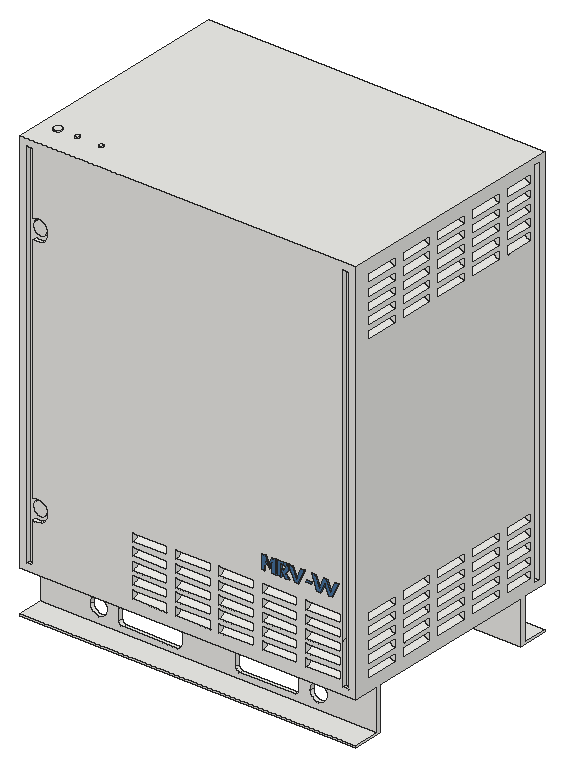
Revit family "bimlib_narujnyeblokisistemakondicionirovaniya_mrv-w_haier", category Оборудование, Revit 2020 (continued)
Dimensions and locks
  Extrusion 132 sketch curve to cut or joined group 1 (Extrusion 1, Extrusion 2, Extrusion 3, Extrusion 4, Extrusion 5, Extrusion 6, Extrusion 7, Extrusion 8, Extrusion 9, Extrusion 10, Extrusion 11, Extrusion 12, Extrusion 13, Extrusion 14, Extrusion 15, Extrusion 16, Extrusion 17, Extrusion 18, Extrusion 19, Extrusion 20, Extrusion 21, Extrusion 22, Extrusion 23, Extrusion 24, Extrusion 25, Extrusion 26, Extrusion 27, Extrusion 28, Extrusion 29, Extrusion 30, Extrusion 31, Extrusion 32, Extrusion 33, Extrusion 34, Extrusion 35, Extrusion 36, Extrusion 37, Extrusion 38, Extrusion 39, Extrusion 40, Extrusion 41, Extrusion 42, Extrusion 43, Extrusion 44, Extrusion 45, Extrusion 46, Extrusion 47, Extrusion 48, Extrusion 49, Extrusion 50, Extrusion 51, Extrusion 52, Extrusion 53, Extrusion 54, Extrusion 55, Extrusion 56, Extrusion 57, Extrusion 58, Extrusion 59, Extrusion 60, Extrusion 61, Extrusion 62, Extrusion 63, Extrusion 64, Extrusion 65, Extrusion 66, Extrusion 67, Extrusion 68, Extrusion 69, Extrusion 70, Extrusion 71, Extrusion 72, Extrusion 73, Extrusion 74, Extrusion 75, Extrusion 76, Extrusion 77, Extrusion 78, Extrusion 79, Extrusion 80, Extrusion 81, Extrusion 82, Extrusion 83, Extrusion 84, Extrusion 85, Extrusion 86, Extrusion 87, Extrusion 88, Extrusion 89, Extrusion 90, Extrusion 91, Extrusion 92, Extrusion 93, Extrusion 94, Extrusion 95, Extrusion 96, Extrusion 97, Extrusion 98, Extrusion 99, Extrusion 100, Extrusion 101, Extrusion 102, Extrusion 103, Extrusion 104, Extrusion 105, Extrusion 106, Extrusion 107, Extrusion 108, Extrusion 109, Extrusion 110, Extrusion 111, Extrusion 112, Extrusion 113, Extrusion 114, Extrusion 115, Extrusion 116, Extrusion 117, Extrusion 118, Extrusion 119, Extrusion 120, Extrusion 121, Extrusion 122, Extrusion 123, Extrusion 124, Extrusion 125, Extrusion 126, Extrusion 127, Extrusion 128, Extrusion 129, Extrusion 130, Extrusion 131, Extrusion 132, Extrusion 133) = 15.00 mm
  Extrusion 132 sketch curve to Extrusion 132 sketch curve = 15.00 mm
  cut or joined group 1 to Extrusion 133 sketch curve = 15.00 mm
  Extrusion 133 sketch curve to cut or joined group 1 = 15.00 mm  (x2)
  Extrusion 133 sketch curve to Extrusion 133 sketch curve = 15.00 mm
  "Диаметр_Газ": diameter of Extrusion 136 sketch curve
  "Диаметр_Жидкость": diameter of Extrusion 135 sketch curve
  "Диаметр_Масло": diameter of Extrusion 134 sketch curve
  "Диаметр_Дренаж": diameter of Extrusion 139 sketch curve
  aligned and locked: level to plane 2
  aligned and locked: Extrusion 1 sketch curve to plane 6
  aligned and locked: Extrusion 1 sketch curve to plane 5
  aligned and locked: plane 7 to Extrusion 1 sketch curve
  aligned and locked: plane 4 to Extrusion 1 sketch curve
  aligned and locked: Extrusion 1 to level
  aligned and locked: level to cut or joined group 1
  aligned and locked: plane 4 to cut or joined group 1
  aligned and locked: plane 10 "1" to plane 6
  aligned and locked: plane 18 "5" to Extrusion 1
  aligned and locked: plane 9 to Extrusion 2
  aligned and locked: cut or joined group 1 to plane 21
  aligned and locked: plane 9 to cut or joined group 1
  aligned and locked: plane 9 to Extrusion 4
  aligned and locked: Extrusion 3 to Extrusion 4
  aligned and locked: curve 15 to Masking region 1 sketch curve
  aligned and locked: Masking region 1 sketch curve to curve 12
  aligned and locked: Masking region 1 sketch curve to curve 13
  aligned and locked: Masking region 1 sketch curve to curve 14
  aligned and locked: plane 4 to curve 15
  aligned and locked: plane 7 to curve 14
  aligned and locked: curve 12 to plane 6
  aligned and locked: curve 13 to plane 5
  aligned and locked: plane 3 "По центру (Влево/Вправо)" to nested 3
  aligned and locked: plane 1 "По центру (Вперед/Назад)" to nested 3
  aligned and locked: plane 1 "По центру (Вперед/Назад)" to nested 2
  aligned and locked: plane 3 "По центру (Влево/Вправо)" to nested 2
Automatic sketch dimensions
  Extrusion 1 sketch curve to plane 5 = 0.00 mm
  curve 1 to Extrusion 1 = 0.00 mm  (x2)
  curve 4 to Extrusion 1 = 0.00 mm  (x2)
  Extrusion 1 to curve 27 = 15.00 mm
  curve 9 to Extrusion 1 = 0.00 mm  (x3)
  curve 20 to Extrusion 1 = 0.00 mm  (x2)
  curve 10 to Extrusion 1 = 0.00 mm  (x3)
  Extrusion 1 to curve 17 = 0.00 mm
  curve 17 to Extrusion 1 = 0.00 mm  (x2)
  Extrusion 1 to curve 21 = 15.00 mm
  Extrusion 1 to curve 21 = 30.00 mm
  Extrusion 1 to curve 21 = 100.00 mm
  curve 23 to Extrusion 1 = 0.00 mm
  curve 18 to Extrusion 1 = 0.00 mm  (x3)
  curve 8 to Extrusion 1 = 0.00 mm  (x2)
  curve 11 to Extrusion 1 = 0.00 mm
  curve 23 to curve 24 = 30.00 mm
  Extrusion 1 to curve 28 = 155.00 mm
  Extrusion 1 to curve 22 = 30.00 mm
  Extrusion 1 to curve 32 = 15.00 mm  (x2)
  Extrusion 1 to curve 22 = 115.00 mm
  curve 22 to curve 22 = 15.00 mm
  Extrusion 1 to curve 24 = 100.00 mm
  curve 5 to Extrusion 1 = 0.00 mm  (x2)
  Extrusion 1 to curve 19 = 0.00 mm
  curve 19 to Extrusion 1 = 0.00 mm
  curve 26 to Extrusion 1 = 0.00 mm
  curve 6 to Extrusion 1 = 0.00 mm
  curve 26 to curve 25 = 30.00 mm
  Extrusion 1 to curve 25 = 15.00 mm
  Extrusion 1 to curve 25 = 100.00 mm
  Extrusion 2 sketch curve to plane 4 = 0.00 mm
  Extrusion 2 sketch curve to plane 5 = 0.00 mm
  plane 17 to Extrusion 2 sketch curve = 30.00 mm
  Extrusion 2 sketch curve to plane 14 = 30.00 mm
  Extrusion 3 sketch curve to Extrusion 1 = 5.00 mm
  Extrusion 3 sketch curve to Extrusion 1 = 10.654 mm
  Extrusion 3 sketch curve to Extrusion 1 = 10.00 mm
  Extrusion 3 sketch curve to Extrusion 3 sketch curve = 95.00 mm
  Extrusion 1 to Extrusion 4 sketch curve = 0.00 mm
  Extrusion 4 sketch curve to Extrusion 1 = 0.00 mm
  Extrusion 4 sketch curve to Extrusion 1 = 100.00 mm
  Extrusion 4 sketch curve to Extrusion 1 = 5.00 mm
  Extrusion 5 sketch curve to Extrusion 1 = 39.902 mm  (x2)
  Extrusion 5 sketch curve to Extrusion 1 = 133.805 mm
  Extrusion 5 sketch curve to Extrusion 5 sketch curve = 46.195 mm  (x2)
  Extrusion 5 sketch curve to Extrusion 5 sketch curve = 10.00 mm  (x6)
  Extrusion 5 sketch curve to Extrusion 5 sketch curve = 125.997 mm  (x2)
  Extrusion 5 sketch curve to Extrusion 1 = 17.392 mm
  Extrusion 5 sketch curve to Extrusion 5 sketch curve = 0.00 mm
  Extrusion 5 sketch curve to Extrusion 1 = 27.392 mm  (x2)
  Extrusion 5 sketch curve to Extrusion 5 sketch curve = 123.005 mm
  Extrusion 5 sketch curve to Extrusion 5 sketch curve = 25.00 mm  (x2)
  Extrusion 1 to Extrusion 6 sketch curve = 0.00 mm
  Extrusion 6 sketch curve to Extrusion 6 sketch curve = 19.333 mm
  Extrusion 6 sketch curve to Extrusion 1 = 48.623 mm
  Extrusion 1 to Extrusion 7 sketch curve = 0.00 mm
  Extrusion 7 sketch curve to Extrusion 7 sketch curve = 19.333 mm
  Extrusion 7 sketch curve to Extrusion 1 = 78.623 mm
  Extrusion 1 to Extrusion 8 sketch curve = 0.00 mm
  Extrusion 8 sketch curve to Extrusion 8 sketch curve = 19.333 mm
  Extrusion 8 sketch curve to Extrusion 1 = 107.956 mm
  Extrusion 1 to Extrusion 9 sketch curve = 0.00 mm
  Extrusion 9 sketch curve to Extrusion 9 sketch curve = 19.333 mm
  Extrusion 9 sketch curve to Extrusion 1 = 137.289 mm
  Extrusion 1 to Extrusion 10 sketch curve = 0.00 mm
  Extrusion 10 sketch curve to Extrusion 10 sketch curve = 19.333 mm
  Extrusion 10 sketch curve to Extrusion 1 = 166.623 mm
  Extrusion 1 to Extrusion 11 sketch curve = 0.00 mm
  Extrusion 11 sketch curve to Extrusion 11 sketch curve = 19.333 mm
  Extrusion 11 sketch curve to Extrusion 1 = 48.623 mm
  Extrusion 1 to Extrusion 12 sketch curve = 0.00 mm
  Extrusion 12 sketch curve to Extrusion 12 sketch curve = 19.333 mm
  Extrusion 12 sketch curve to Extrusion 1 = 78.623 mm
  Extrusion 1 to Extrusion 13 sketch curve = 0.00 mm
  Extrusion 13 sketch curve to Extrusion 13 sketch curve = 19.333 mm
  Extrusion 13 sketch curve to Extrusion 1 = 107.956 mm
  Extrusion 1 to Extrusion 14 sketch curve = 0.00 mm
  Extrusion 14 sketch curve to Extrusion 14 sketch curve = 19.333 mm
  Extrusion 14 sketch curve to Extrusion 1 = 137.289 mm
  Extrusion 1 to Extrusion 15 sketch curve = 0.00 mm
  Extrusion 15 sketch curve to Extrusion 15 sketch curve = 19.333 mm
  Extrusion 15 sketch curve to Extrusion 1 = 166.623 mm
  Extrusion 1 to Extrusion 16 sketch curve = 0.00 mm
  Extrusion 16 sketch curve to Extrusion 16 sketch curve = 19.333 mm
  Extrusion 16 sketch curve to Extrusion 1 = 48.623 mm
  Extrusion 1 to Extrusion 17 sketch curve = 0.00 mm
  Extrusion 17 sketch curve to Extrusion 17 sketch curve = 19.333 mm
  Extrusion 17 sketch curve to Extrusion 1 = 78.623 mm
  Extrusion 1 to Extrusion 18 sketch curve = 0.00 mm
  Extrusion 18 sketch curve to Extrusion 18 sketch curve = 19.333 mm
  Extrusion 18 sketch curve to Extrusion 1 = 107.956 mm
  Extrusion 1 to Extrusion 19 sketch curve = 0.00 mm
  Extrusion 19 sketch curve to Extrusion 19 sketch curve = 19.333 mm
  Extrusion 19 sketch curve to Extrusion 1 = 137.289 mm
  Extrusion 1 to Extrusion 20 sketch curve = 0.00 mm
  Extrusion 20 sketch curve to Extrusion 20 sketch curve = 19.333 mm
  Extrusion 20 sketch curve to Extrusion 1 = 166.623 mm
  Extrusion 1 to Extrusion 21 sketch curve = 0.00 mm
  Extrusion 21 sketch curve to Extrusion 21 sketch curve = 19.333 mm
  Extrusion 21 sketch curve to Extrusion 1 = 48.623 mm
  Extrusion 1 to Extrusion 22 sketch curve = 0.00 mm
  Extrusion 22 sketch curve to Extrusion 22 sketch curve = 19.333 mm
  Extrusion 22 sketch curve to Extrusion 1 = 78.623 mm
  Extrusion 1 to Extrusion 23 sketch curve = 0.00 mm
  Extrusion 23 sketch curve to Extrusion 23 sketch curve = 19.333 mm
  Extrusion 23 sketch curve to Extrusion 1 = 107.956 mm
  Extrusion 1 to Extrusion 24 sketch curve = 0.00 mm
  Extrusion 24 sketch curve to Extrusion 24 sketch curve = 19.333 mm
  Extrusion 24 sketch curve to Extrusion 1 = 137.289 mm
  Extrusion 1 to Extrusion 25 sketch curve = 0.00 mm
  Extrusion 25 sketch curve to Extrusion 25 sketch curve = 19.333 mm
  Extrusion 25 sketch curve to Extrusion 1 = 166.623 mm
  Extrusion 1 to Extrusion 26 sketch curve = 0.00 mm
  Extrusion 26 sketch curve to Extrusion 26 sketch curve = 19.333 mm
  Extrusion 26 sketch curve to Extrusion 1 = 48.623 mm
  Extrusion 1 to Extrusion 27 sketch curve = 0.00 mm
  Extrusion 27 sketch curve to Extrusion 27 sketch curve = 19.333 mm
  Extrusion 27 sketch curve to Extrusion 1 = 78.623 mm
  Extrusion 1 to Extrusion 28 sketch curve = 0.00 mm
  Extrusion 28 sketch curve to Extrusion 28 sketch curve = 19.333 mm
  Extrusion 28 sketch curve to Extrusion 1 = 107.956 mm
  Extrusion 1 to Extrusion 29 sketch curve = 0.00 mm
  Extrusion 29 sketch curve to Extrusion 29 sketch curve = 19.333 mm
  Extrusion 29 sketch curve to Extrusion 1 = 137.289 mm
  Extrusion 1 to Extrusion 30 sketch curve = 0.00 mm
  Extrusion 30 sketch curve to Extrusion 30 sketch curve = 19.333 mm
  Extrusion 30 sketch curve to Extrusion 1 = 166.623 mm
  Extrusion 1 to Extrusion 31 sketch curve = 0.00 mm
  Extrusion 31 sketch curve to Extrusion 31 sketch curve = 19.333 mm
  Extrusion 31 sketch curve to Extrusion 1 = 245.377 mm
  Extrusion 1 to Extrusion 32 sketch curve = 0.00 mm
  Extrusion 32 sketch curve to Extrusion 32 sketch curve = 19.333 mm
  Extrusion 32 sketch curve to Extrusion 1 = 215.377 mm
  Extrusion 1 to Extrusion 33 sketch curve = 0.00 mm
  Extrusion 33 sketch curve to Extrusion 33 sketch curve = 19.333 mm
  Extrusion 33 sketch curve to Extrusion 1 = 186.044 mm
  Extrusion 1 to Extrusion 34 sketch curve = 0.00 mm
  Extrusion 34 sketch curve to Extrusion 34 sketch curve = 19.333 mm
  Extrusion 34 sketch curve to Extrusion 1 = 156.711 mm
  Extrusion 1 to Extrusion 35 sketch curve = 0.00 mm
  Extrusion 35 sketch curve to Extrusion 35 sketch curve = 19.333 mm
  Extrusion 35 sketch curve to Extrusion 1 = 127.377 mm
  Extrusion 1 to Extrusion 36 sketch curve = 0.00 mm
  Extrusion 36 sketch curve to Extrusion 36 sketch curve = 19.333 mm
  Extrusion 36 sketch curve to Extrusion 1 = 245.377 mm
  Extrusion 1 to Extrusion 37 sketch curve = 0.00 mm
  Extrusion 37 sketch curve to Extrusion 37 sketch curve = 19.333 mm
  Extrusion 37 sketch curve to Extrusion 1 = 215.377 mm
  Extrusion 1 to Extrusion 38 sketch curve = 0.00 mm
  Extrusion 38 sketch curve to Extrusion 38 sketch curve = 19.333 mm
  Extrusion 38 sketch curve to Extrusion 1 = 186.044 mm
  Extrusion 1 to Extrusion 39 sketch curve = 0.00 mm
  Extrusion 39 sketch curve to Extrusion 39 sketch curve = 19.333 mm
  Extrusion 39 sketch curve to Extrusion 1 = 156.711 mm
  Extrusion 1 to Extrusion 40 sketch curve = 0.00 mm
  Extrusion 40 sketch curve to Extrusion 40 sketch curve = 19.333 mm
  Extrusion 40 sketch curve to Extrusion 1 = 127.377 mm
  Extrusion 1 to Extrusion 41 sketch curve = 0.00 mm
  Extrusion 41 sketch curve to Extrusion 41 sketch curve = 19.333 mm
  Extrusion 41 sketch curve to Extrusion 1 = 245.377 mm
  Extrusion 1 to Extrusion 42 sketch curve = 0.00 mm
  Extrusion 42 sketch curve to Extrusion 42 sketch curve = 19.333 mm
  Extrusion 42 sketch curve to Extrusion 1 = 215.377 mm
  Extrusion 1 to Extrusion 43 sketch curve = 0.00 mm
  Extrusion 43 sketch curve to Extrusion 43 sketch curve = 19.333 mm
  Extrusion 43 sketch curve to Extrusion 1 = 186.044 mm
  Extrusion 1 to Extrusion 44 sketch curve = 0.00 mm
  Extrusion 44 sketch curve to Extrusion 44 sketch curve = 19.333 mm
  Extrusion 44 sketch curve to Extrusion 1 = 156.711 mm
  Extrusion 1 to Extrusion 45 sketch curve = 0.00 mm
  Extrusion 45 sketch curve to Extrusion 45 sketch curve = 19.333 mm
  Extrusion 45 sketch curve to Extrusion 1 = 127.377 mm
  Extrusion 1 to Extrusion 46 sketch curve = 0.00 mm
  Extrusion 46 sketch curve to Extrusion 46 sketch curve = 19.333 mm
  Extrusion 46 sketch curve to Extrusion 1 = 245.377 mm
  Extrusion 1 to Extrusion 47 sketch curve = 0.00 mm
  Extrusion 47 sketch curve to Extrusion 47 sketch curve = 19.333 mm
  Extrusion 47 sketch curve to Extrusion 1 = 215.377 mm
  Extrusion 1 to Extrusion 48 sketch curve = 0.00 mm
  Extrusion 48 sketch curve to Extrusion 48 sketch curve = 19.333 mm
  Extrusion 48 sketch curve to Extrusion 1 = 186.044 mm
  Extrusion 1 to Extrusion 49 sketch curve = 0.00 mm
  Extrusion 49 sketch curve to Extrusion 49 sketch curve = 19.333 mm
  Extrusion 49 sketch curve to Extrusion 1 = 156.711 mm
  Extrusion 1 to Extrusion 50 sketch curve = 0.00 mm
  Extrusion 50 sketch curve to Extrusion 50 sketch curve = 19.333 mm
  Extrusion 50 sketch curve to Extrusion 1 = 127.377 mm
  Extrusion 1 to Extrusion 51 sketch curve = 0.00 mm
  Extrusion 51 sketch curve to Extrusion 51 sketch curve = 19.333 mm
  Extrusion 51 sketch curve to Extrusion 1 = 245.377 mm
  Extrusion 1 to Extrusion 52 sketch curve = 0.00 mm
  Extrusion 52 sketch curve to Extrusion 52 sketch curve = 19.333 mm
  Extrusion 52 sketch curve to Extrusion 1 = 215.377 mm
  Extrusion 1 to Extrusion 53 sketch curve = 0.00 mm
  Extrusion 53 sketch curve to Extrusion 53 sketch curve = 19.333 mm
  Extrusion 53 sketch curve to Extrusion 1 = 186.044 mm
  Extrusion 1 to Extrusion 54 sketch curve = 0.00 mm
  Extrusion 54 sketch curve to Extrusion 54 sketch curve = 19.333 mm
  Extrusion 54 sketch curve to Extrusion 1 = 156.711 mm
  Extrusion 1 to Extrusion 55 sketch curve = 0.00 mm
  Extrusion 55 sketch curve to Extrusion 55 sketch curve = 19.333 mm
  Extrusion 55 sketch curve to Extrusion 1 = 127.377 mm
  Extrusion 56 sketch curve to plane 7 = 0.00 mm
  Extrusion 56 sketch curve to Extrusion 56 sketch curve = 19.333 mm
  plane 13 "2" to Extrusion 56 sketch curve = 54.71 mm
  Extrusion 57 sketch curve to plane 7 = 0.00 mm
  Extrusion 57 sketch curve to Extrusion 57 sketch curve = 19.333 mm
  plane 13 "2" to Extrusion 57 sketch curve = 24.71 mm
  Extrusion 58 sketch curve to plane 7 = 0.00 mm
  Extrusion 58 sketch curve to plane 13 "2" = 4.623 mm
  Extrusion 58 sketch curve to Extrusion 58 sketch curve = 19.333 mm
  Extrusion 59 sketch curve to plane 7 = 0.00 mm
  Extrusion 59 sketch curve to Extrusion 59 sketch curve = 19.333 mm
  Extrusion 59 sketch curve to plane 13 "2" = 33.956 mm
  Extrusion 60 sketch curve to plane 7 = 0.00 mm
  Extrusion 60 sketch curve to Extrusion 60 sketch curve = 19.333 mm
  plane 16 "4" to Extrusion 60 sketch curve = 26.711 mm
  Extrusion 61 sketch curve to plane 7 = 0.00 mm
  Extrusion 61 sketch curve to Extrusion 61 sketch curve = 19.333 mm
  plane 13 "2" to Extrusion 61 sketch curve = 54.71 mm
  Extrusion 62 sketch curve to plane 7 = 0.00 mm
  Extrusion 62 sketch curve to Extrusion 62 sketch curve = 19.333 mm
  plane 13 "2" to Extrusion 62 sketch curve = 24.71 mm
  Extrusion 63 sketch curve to plane 7 = 0.00 mm
  Extrusion 63 sketch curve to plane 13 "2" = 4.623 mm
  Extrusion 63 sketch curve to Extrusion 63 sketch curve = 19.333 mm
  Extrusion 64 sketch curve to plane 7 = 0.00 mm
  Extrusion 64 sketch curve to Extrusion 64 sketch curve = 19.333 mm
  Extrusion 64 sketch curve to plane 13 "2" = 33.956 mm
  Extrusion 65 sketch curve to plane 7 = 0.00 mm
  Extrusion 65 sketch curve to Extrusion 65 sketch curve = 19.333 mm
  plane 16 "4" to Extrusion 65 sketch curve = 26.711 mm
  Extrusion 66 sketch curve to plane 7 = 0.00 mm
  Extrusion 66 sketch curve to Extrusion 66 sketch curve = 19.333 mm
  plane 13 "2" to Extrusion 66 sketch curve = 54.71 mm
  Extrusion 67 sketch curve to plane 7 = 0.00 mm
  Extrusion 67 sketch curve to Extrusion 67 sketch curve = 19.333 mm
  plane 13 "2" to Extrusion 67 sketch curve = 24.71 mm
  Extrusion 68 sketch curve to plane 7 = 0.00 mm
  Extrusion 68 sketch curve to plane 13 "2" = 4.623 mm
  Extrusion 68 sketch curve to Extrusion 68 sketch curve = 19.333 mm
  Extrusion 69 sketch curve to plane 7 = 0.00 mm
  Extrusion 69 sketch curve to Extrusion 69 sketch curve = 19.333 mm
  Extrusion 69 sketch curve to plane 13 "2" = 33.956 mm
  Extrusion 70 sketch curve to plane 7 = 0.00 mm
  Extrusion 70 sketch curve to Extrusion 70 sketch curve = 19.333 mm
  plane 16 "4" to Extrusion 70 sketch curve = 26.711 mm
  Extrusion 71 sketch curve to plane 7 = 0.00 mm
  Extrusion 71 sketch curve to Extrusion 71 sketch curve = 19.333 mm
  plane 13 "2" to Extrusion 71 sketch curve = 54.71 mm
  Extrusion 72 sketch curve to plane 7 = 0.00 mm
  Extrusion 72 sketch curve to Extrusion 72 sketch curve = 19.333 mm
  plane 13 "2" to Extrusion 72 sketch curve = 24.71 mm
  Extrusion 73 sketch curve to plane 7 = 0.00 mm
  Extrusion 73 sketch curve to plane 13 "2" = 4.623 mm
  Extrusion 73 sketch curve to Extrusion 73 sketch curve = 19.333 mm
  Extrusion 74 sketch curve to plane 7 = 0.00 mm
  Extrusion 74 sketch curve to Extrusion 74 sketch curve = 19.333 mm
  Extrusion 74 sketch curve to plane 13 "2" = 33.956 mm
  Extrusion 75 sketch curve to plane 7 = 0.00 mm
  Extrusion 75 sketch curve to Extrusion 75 sketch curve = 19.333 mm
  plane 16 "4" to Extrusion 75 sketch curve = 26.711 mm
  Extrusion 76 sketch curve to plane 7 = 0.00 mm
  Extrusion 76 sketch curve to Extrusion 76 sketch curve = 19.333 mm
  plane 13 "2" to Extrusion 76 sketch curve = 54.71 mm
  Extrusion 77 sketch curve to plane 7 = 0.00 mm
  Extrusion 77 sketch curve to Extrusion 77 sketch curve = 19.333 mm
  plane 13 "2" to Extrusion 77 sketch curve = 24.71 mm
  Extrusion 78 sketch curve to plane 7 = 0.00 mm
  Extrusion 78 sketch curve to plane 13 "2" = 4.623 mm
  Extrusion 78 sketch curve to Extrusion 78 sketch curve = 19.333 mm
  Extrusion 79 sketch curve to plane 7 = 0.00 mm
  Extrusion 79 sketch curve to Extrusion 79 sketch curve = 19.333 mm
  Extrusion 79 sketch curve to plane 13 "2" = 33.956 mm
  Extrusion 80 sketch curve to plane 7 = 0.00 mm
  Extrusion 80 sketch curve to Extrusion 80 sketch curve = 19.333 mm
  plane 16 "4" to Extrusion 80 sketch curve = 26.711 mm
  Extrusion 81 sketch curve to Extrusion 1 = 0.00 mm
  Extrusion 81 sketch curve to Extrusion 81 sketch curve = 19.333 mm
  Extrusion 81 sketch curve to Extrusion 1 = 29.29 mm
  Extrusion 82 sketch curve to Extrusion 1 = 0.00 mm
  Extrusion 82 sketch curve to Extrusion 82 sketch curve = 19.333 mm
  Extrusion 82 sketch curve to Extrusion 1 = 59.29 mm
  Extrusion 83 sketch curve to Extrusion 1 = 0.00 mm
  Extrusion 83 sketch curve to Extrusion 83 sketch curve = 19.333 mm
  Extrusion 83 sketch curve to Extrusion 1 = 88.623 mm
  Extrusion 84 sketch curve to Extrusion 1 = 0.00 mm
  Extrusion 1 to Extrusion 84 sketch curve = 19.333 mm
  Extrusion 84 sketch curve to Extrusion 1 = 117.956 mm
  Extrusion 85 sketch curve to Extrusion 1 = 0.00 mm
  Extrusion 1 to Extrusion 85 sketch curve = 19.333 mm
  Extrusion 85 sketch curve to Extrusion 1 = 147.289 mm
  Extrusion 86 sketch curve to Extrusion 1 = 0.00 mm
  Extrusion 86 sketch curve to Extrusion 86 sketch curve = 19.333 mm
  Extrusion 86 sketch curve to Extrusion 1 = 29.29 mm
  Extrusion 87 sketch curve to Extrusion 1 = 0.00 mm
  Extrusion 87 sketch curve to Extrusion 87 sketch curve = 19.333 mm
  Extrusion 87 sketch curve to Extrusion 1 = 59.29 mm
  Extrusion 88 sketch curve to Extrusion 1 = 0.00 mm
  Extrusion 88 sketch curve to Extrusion 88 sketch curve = 19.333 mm
  Extrusion 88 sketch curve to Extrusion 1 = 88.623 mm
  Extrusion 89 sketch curve to Extrusion 1 = 0.00 mm
  Extrusion 1 to Extrusion 89 sketch curve = 19.333 mm
  Extrusion 89 sketch curve to Extrusion 1 = 117.956 mm
  Extrusion 90 sketch curve to Extrusion 1 = 0.00 mm
  Extrusion 1 to Extrusion 90 sketch curve = 19.333 mm
  Extrusion 90 sketch curve to Extrusion 1 = 147.289 mm
  Extrusion 91 sketch curve to Extrusion 1 = 0.00 mm
  Extrusion 91 sketch curve to Extrusion 91 sketch curve = 19.333 mm
  Extrusion 91 sketch curve to Extrusion 1 = 29.29 mm
  Extrusion 92 sketch curve to Extrusion 1 = 0.00 mm
  Extrusion 92 sketch curve to Extrusion 92 sketch curve = 19.333 mm
  Extrusion 92 sketch curve to Extrusion 1 = 59.29 mm
  Extrusion 93 sketch curve to Extrusion 1 = 0.00 mm
  Extrusion 93 sketch curve to Extrusion 93 sketch curve = 19.333 mm
  Extrusion 93 sketch curve to Extrusion 1 = 88.623 mm
  Extrusion 94 sketch curve to Extrusion 1 = 0.00 mm
  Extrusion 1 to Extrusion 94 sketch curve = 19.333 mm
  Extrusion 94 sketch curve to Extrusion 1 = 117.956 mm
  Extrusion 95 sketch curve to Extrusion 1 = 0.00 mm
  Extrusion 1 to Extrusion 95 sketch curve = 19.333 mm
  Extrusion 95 sketch curve to Extrusion 1 = 147.289 mm
  Extrusion 96 sketch curve to Extrusion 1 = 0.00 mm
  Extrusion 96 sketch curve to Extrusion 96 sketch curve = 19.333 mm
  Extrusion 96 sketch curve to Extrusion 1 = 29.29 mm
  Extrusion 97 sketch curve to Extrusion 1 = 0.00 mm
  Extrusion 97 sketch curve to Extrusion 97 sketch curve = 19.333 mm
  Extrusion 97 sketch curve to Extrusion 1 = 59.29 mm
  Extrusion 98 sketch curve to Extrusion 1 = 0.00 mm
  Extrusion 98 sketch curve to Extrusion 98 sketch curve = 19.333 mm
  Extrusion 98 sketch curve to Extrusion 1 = 88.623 mm
  Extrusion 99 sketch curve to Extrusion 1 = 0.00 mm
  Extrusion 1 to Extrusion 99 sketch curve = 19.333 mm
  Extrusion 99 sketch curve to Extrusion 1 = 117.956 mm
  Extrusion 100 sketch curve to Extrusion 1 = 0.00 mm
  Extrusion 1 to Extrusion 100 sketch curve = 19.333 mm
  Extrusion 100 sketch curve to Extrusion 1 = 147.289 mm
  Extrusion 101 sketch curve to Extrusion 1 = 0.00 mm
  Extrusion 101 sketch curve to Extrusion 101 sketch curve = 19.333 mm
  Extrusion 101 sketch curve to Extrusion 1 = 29.29 mm
  Extrusion 102 sketch curve to Extrusion 1 = 0.00 mm
  Extrusion 102 sketch curve to Extrusion 102 sketch curve = 19.333 mm
  Extrusion 102 sketch curve to Extrusion 1 = 59.29 mm
  Extrusion 103 sketch curve to Extrusion 1 = 0.00 mm
  Extrusion 103 sketch curve to Extrusion 103 sketch curve = 19.333 mm
  Extrusion 103 sketch curve to Extrusion 1 = 88.623 mm
  Extrusion 104 sketch curve to Extrusion 1 = 0.00 mm
  Extrusion 1 to Extrusion 104 sketch curve = 19.333 mm
  Extrusion 104 sketch curve to Extrusion 1 = 117.956 mm
  Extrusion 105 sketch curve to Extrusion 1 = 0.00 mm
  Extrusion 1 to Extrusion 105 sketch curve = 19.333 mm
  Extrusion 105 sketch curve to Extrusion 1 = 147.289 mm
  Extrusion 106 sketch curve to Extrusion 1 = 0.00 mm
  Extrusion 106 sketch curve to Extrusion 106 sketch curve = 19.333 mm
  Extrusion 106 sketch curve to Extrusion 1 = 264.71 mm
  Extrusion 107 sketch curve to Extrusion 1 = 0.00 mm
  Extrusion 107 sketch curve to Extrusion 107 sketch curve = 19.333 mm
  Extrusion 107 sketch curve to Extrusion 1 = 234.71 mm
  Extrusion 108 sketch curve to Extrusion 1 = 0.00 mm
  Extrusion 108 sketch curve to Extrusion 108 sketch curve = 19.333 mm
  Extrusion 108 sketch curve to Extrusion 1 = 205.377 mm
  Extrusion 109 sketch curve to Extrusion 1 = 0.00 mm
  Extrusion 109 sketch curve to Extrusion 109 sketch curve = 19.333 mm
  Extrusion 109 sketch curve to Extrusion 1 = 176.044 mm
  Extrusion 110 sketch curve to Extrusion 1 = 0.00 mm
  Extrusion 110 sketch curve to Extrusion 110 sketch curve = 19.333 mm
  Extrusion 110 sketch curve to Extrusion 1 = 146.711 mm
  Extrusion 111 sketch curve to Extrusion 1 = 0.00 mm
  Extrusion 111 sketch curve to Extrusion 111 sketch curve = 19.333 mm
  Extrusion 111 sketch curve to Extrusion 1 = 264.71 mm
  Extrusion 112 sketch curve to Extrusion 1 = 0.00 mm
  Extrusion 112 sketch curve to Extrusion 112 sketch curve = 19.333 mm
  Extrusion 112 sketch curve to Extrusion 1 = 234.71 mm
  Extrusion 113 sketch curve to Extrusion 1 = 0.00 mm
  Extrusion 113 sketch curve to Extrusion 113 sketch curve = 19.333 mm
  Extrusion 113 sketch curve to Extrusion 1 = 205.377 mm
  Extrusion 114 sketch curve to Extrusion 1 = 0.00 mm
  Extrusion 114 sketch curve to Extrusion 114 sketch curve = 19.333 mm
  Extrusion 114 sketch curve to Extrusion 1 = 176.044 mm
  Extrusion 115 sketch curve to Extrusion 1 = 0.00 mm
  Extrusion 115 sketch curve to Extrusion 115 sketch curve = 19.333 mm
  Extrusion 115 sketch curve to Extrusion 1 = 146.711 mm
  Extrusion 116 sketch curve to Extrusion 1 = 0.00 mm
  Extrusion 116 sketch curve to Extrusion 116 sketch curve = 19.333 mm
  Extrusion 116 sketch curve to Extrusion 1 = 264.71 mm
  Extrusion 117 sketch curve to Extrusion 1 = 0.00 mm
  Extrusion 117 sketch curve to Extrusion 117 sketch curve = 19.333 mm
  Extrusion 117 sketch curve to Extrusion 1 = 234.71 mm
  Extrusion 118 sketch curve to Extrusion 1 = 0.00 mm
  Extrusion 118 sketch curve to Extrusion 118 sketch curve = 19.333 mm
  Extrusion 118 sketch curve to Extrusion 1 = 205.377 mm
  Extrusion 119 sketch curve to Extrusion 1 = 0.00 mm
  Extrusion 119 sketch curve to Extrusion 119 sketch curve = 19.333 mm
  Extrusion 119 sketch curve to Extrusion 1 = 176.044 mm
  Extrusion 120 sketch curve to Extrusion 1 = 0.00 mm
  Extrusion 120 sketch curve to Extrusion 120 sketch curve = 19.333 mm
  Extrusion 120 sketch curve to Extrusion 1 = 146.711 mm
  Extrusion 121 sketch curve to Extrusion 1 = 0.00 mm
  Extrusion 121 sketch curve to Extrusion 121 sketch curve = 19.333 mm
  Extrusion 121 sketch curve to Extrusion 1 = 264.71 mm
  Extrusion 122 sketch curve to Extrusion 1 = 0.00 mm
  Extrusion 122 sketch curve to Extrusion 122 sketch curve = 19.333 mm
  Extrusion 122 sketch curve to Extrusion 1 = 234.71 mm
  Extrusion 123 sketch curve to Extrusion 1 = 0.00 mm
  Extrusion 123 sketch curve to Extrusion 123 sketch curve = 19.333 mm
  Extrusion 123 sketch curve to Extrusion 1 = 205.377 mm
  Extrusion 124 sketch curve to Extrusion 1 = 0.00 mm
  Extrusion 124 sketch curve to Extrusion 124 sketch curve = 19.333 mm
  Extrusion 124 sketch curve to Extrusion 1 = 176.044 mm
  Extrusion 125 sketch curve to Extrusion 1 = 0.00 mm
  Extrusion 125 sketch curve to Extrusion 125 sketch curve = 19.333 mm
  Extrusion 125 sketch curve to Extrusion 1 = 146.711 mm
  Extrusion 126 sketch curve to Extrusion 1 = 0.00 mm
  Extrusion 126 sketch curve to Extrusion 126 sketch curve = 19.333 mm
  Extrusion 126 sketch curve to Extrusion 1 = 264.71 mm
  Extrusion 127 sketch curve to Extrusion 1 = 0.00 mm
  Extrusion 127 sketch curve to Extrusion 127 sketch curve = 19.333 mm
  Extrusion 127 sketch curve to Extrusion 1 = 234.71 mm
  Extrusion 128 sketch curve to Extrusion 1 = 0.00 mm
  Extrusion 128 sketch curve to Extrusion 128 sketch curve = 19.333 mm
  Extrusion 128 sketch curve to Extrusion 1 = 205.377 mm
  Extrusion 129 sketch curve to Extrusion 1 = 0.00 mm
  Extrusion 129 sketch curve to Extrusion 129 sketch curve = 19.333 mm
  Extrusion 129 sketch curve to Extrusion 1 = 176.044 mm
  Extrusion 130 sketch curve to Extrusion 1 = 0.00 mm
  Extrusion 130 sketch curve to Extrusion 130 sketch curve = 19.333 mm
  Extrusion 130 sketch curve to Extrusion 1 = 146.711 mm
  Extrusion 131 sketch curve to Extrusion 131 sketch curve = 15.00 mm  (x2)
  Extrusion 131 sketch curve to Extrusion 1 = 30.00 mm
  Extrusion 131 sketch curve to Extrusion 131 sketch curve = 10.00 mm  (x2)
  Extrusion 1 to Extrusion 131 sketch curve = 30.00 mm
  Extrusion 1 to Extrusion 131 sketch curve = 15.00 mm
  Extrusion 131 sketch curve to Extrusion 1 = 15.00 mm
  Extrusion 131 sketch curve to Extrusion 131 sketch curve = 143.682 mm
  Extrusion 131 sketch curve to Extrusion 131 sketch curve = 22.913 mm  (x2)
  Extrusion 131 sketch curve to Extrusion 131 sketch curve = 140.318 mm
  Extrusion 131 sketch curve to Extrusion 1 = 209.492 mm
  Extrusion 131 sketch curve to Extrusion 131 sketch curve = 94.492 mm
  Extrusion 1 to curve 31 = 0.00 mm
  Extrusion 1 to curve 29 = 0.00 mm
  curve 31 to Extrusion 1 = 15.00 mm
  curve 30 to curve 30 = 140.00 mm
  curve 30 to Extrusion 1 = 135.00 mm
  Extrusion 131 to Extrusion 137 sketch curve = 10.97 mm
  Extrusion 137 sketch curve to Extrusion 131 = 165.425 mm
  Extrusion 131 to Extrusion 138 sketch curve = 10.97 mm
  Extrusion 138 sketch curve to Extrusion 131 = 118.575 mm
  Extrusion 134 sketch curve to Extrusion 1 = 61.412 mm
  Extrusion 134 sketch curve to Extrusion 1 = 138.259 mm
  Extrusion 135 sketch curve to Extrusion 1 = 83.259 mm
  Extrusion 135 sketch curve to Extrusion 1 = 61.412 mm
  Extrusion 136 sketch curve to Extrusion 1 = 38.259 mm
  Extrusion 136 sketch curve to Extrusion 1 = 61.412 mm
  Extrusion 2 to Extrusion 139 sketch curve = 65.00 mm
  Extrusion 2 to Extrusion 139 sketch curve = 85.00 mm
  radius of Extrusion 5 sketch curve = 20.00 mm  (x2)
  radius of Extrusion 137 sketch curve = 16.00 mm
  radius of Extrusion 138 sketch curve = 16.00 mm
Nested families
  nested 1: "BIMLIB_Модель MRV 5_DB" at (252.5, -272.5, 294) x (1, 0, 0) z (0, -1, 0), type "BIMLIB_Модель MRV 5_DB", detail levels fine
    with Превышение 30.00 mm, ADSK_Размер_Длина 460.00 mm, ADSK_Размер_Глубина 1.00 mm, ADSK_Размер_Высота 260.00 mm
  nested 2: "BIMLIB_ЗонаОбслуживания_DB" at (0, 0, 0), visible <- "Видимость_Зона обслуживания", type "BIMLIB_ЗонаОбслуживания_DB"
    with Зона обслуживания_Справа 300.00 mm, Зона обслуживания_Спереди 900.00 mm, Зона обслуживания_Слева 100.00 mm, Зона обслуживания_Сзади 500.00 mm, Зона обслуживания_Сверху 500.00 mm, ADSK_Размер_Ширина 775.00 mm, ADSK_Размер_Глубина 545.00 mm, ADSK_Размер_Высота 995.00 mm
  nested 3: "BIMLIB_АннотацияУГО_Haier" at (0, 0, 0), type "BIMLIB_АннотацияУГО_Haier"
Connectors
  electrical at (0, 0, 100), driven by "ADSK_Количество фаз", driven by "ADSK_Напряжение", driven by "ADSK_Коэффициент мощности", driven by "ADSK_Классификация нагрузок", driven by "ADSK_Полная мощность"
    settings: on cut or joined group 1, index 4, voltage 400 V, apparent load 4500 VA, apparent load phase1 0 VA, apparent load phase2 0 VA, apparent load phase3 0 VA, power factor 1, load classification "ОВК", number of poles 3, system type 30, power factor state 1, is connector primary yes, connector utility no, sub classification motor no, connector description "Электрический соеденитель"
  piping at (-349.241, -211.088, 995), diameter 19.05, driven by "Диаметр_Газ", driven by "ADSK_Расход жидкости"
    settings: on Extrusion 136, index 5, connector inside diameter 609.6 mm, connector length 0.00 mm, flow factor 0, pipe flow 0.0 L/s, pressure drop 0.0 Pa, fitting loss kfactor 0, connector angle 0.00°, fixture units 0, engagement length 0.00 mm, angle of deflection 0.00°, flow configuration 0, flow direction 1, fitting loss method 0, system type 8, joint type 0, gender type 0, connector reference index 6, connector utility 0, adjustable connector no, is connector primary yes, connector description "Линия газа"
  piping at (-304.241, -211.088, 995), diameter 9.52, driven by "Диаметр_Жидкость", driven by "ADSK_Расход жидкости"
    settings: on Extrusion 135, index 6, connector inside diameter 609.6 mm, connector length 0.00 mm, flow factor 0, pipe flow 0.0 L/s, pressure drop 0.0 Pa, fitting loss kfactor 0, connector angle 0.00°, fixture units 0, engagement length 0.00 mm, angle of deflection 0.00°, flow configuration 0, flow direction 2, fitting loss method 0, system type 7, joint type 0, gender type 0, connector reference index 5, connector utility 0, adjustable connector no, is connector primary no, connector description "Линия жидкости"
  piping at (-249.241, -211.088, 995), diameter 9.52, driven by "Диаметр_Масло", driven by "HG_Расход масла"
    settings: on Extrusion 134, index 7, connector inside diameter 609.6 mm, connector length 0.00 mm, flow factor 0, pipe flow 0.0 L/s, pressure drop 0.0 Pa, fitting loss kfactor 0, connector angle 0.00°, fixture units 0, engagement length 0.00 mm, angle of deflection 0.00°, flow configuration 0, flow direction 1, fitting loss method 0, system type 29, joint type 0, gender type 0, connector reference index -1, connector utility 0, adjustable connector no, is connector primary no, connector description "Линия масла"
  piping at (-346.53, -263.5, 813.575), diameter 32, driven by "Диаметр_Воды", driven by "HG_Расход воды"
    settings: on Extrusion 137, index 8, connector inside diameter 609.6 mm, connector length 0.00 mm, flow factor 0, pipe flow 1.3 L/s, pressure drop 0.0 Pa, fitting loss kfactor 0, connector angle 0.00°, fixture units 0, engagement length 0.00 mm, angle of deflection 0.00°, flow configuration 0, flow direction 2, fitting loss method 0, system type 29, joint type 0, gender type 0, connector reference index 9, connector utility 0, adjustable connector no, is connector primary no, connector description "Линия воды_Приток в систему"
  piping at (-346.53, -263.5, 233.575), diameter 32, driven by "Диаметр_Воды", driven by "HG_Расход воды"
    settings: on Extrusion 138, index 9, connector inside diameter 609.6 mm, connector length 0.00 mm, flow factor 0, pipe flow 1.3 L/s, pressure drop 0.0 Pa, fitting loss kfactor 0, connector angle 0.00°, fixture units 0, engagement length 0.00 mm, angle of deflection 0.00°, flow configuration 0, flow direction 1, fitting loss method 0, system type 29, joint type 0, gender type 0, connector reference index 8, connector utility 0, adjustable connector no, is connector primary no, connector description "Линия воды_Обратка из системы"
  piping at (-302.5, -137.5, 99), diameter 6.35, driven by "Диаметр_Дренаж"
    settings: on Extrusion 139, index 10, connector inside diameter 609.6 mm, connector length 0.00 mm, flow factor 0, pipe flow 0.0 L/s, pressure drop 0.0 Pa, fitting loss kfactor 0, connector angle 0.00°, fixture units 0, engagement length 0.00 mm, angle of deflection 0.00°, flow configuration 1, flow direction 2, fitting loss method 0, system type 16, joint type 0, gender type 0, connector reference index -1, connector utility 0, adjustable connector no, is connector primary no, connector description "Линия дренажа"
Definition of nested family "BIMLIB_Модель MRV 5_DB"
  Parameters (values of type "BIMLIB_Модель MRV 5_Haier")
    Превышение [instance] = 30.00 mm
    Default Elevation = 1219.20 mm
    Материал решёток = none
    ADSK_Размер_Длина [instance] = 460.00 mm
    ADSK_Размер_Глубина [instance] = 1.00 mm
    ADSK_Размер_Высота [instance] = 260.00 mm
  Reference planes
    plane 1 "По центру (Вперед/Назад)": y = 0
    plane 2: z = 0
    plane 3 "По центру (Влево/Вправо)": x = 0
  Forms (mm)
    Extrusion 1, solid, material <- "Материал решёток"
      sketch origin (-8.673, -34.138, 0) x (1, 0, 0) y (0, 1, 0)
        loop
          line (-73.407, 34.138) -> (-65.185, 34.138) -> (-64.115, 54.566) -> (-54.559, 42.334) -> (-52.99, 42.334) -> (-63.615, 66.197) -> (-71.727, 66.197) -> (-73.407, 34.138)
        loop
          line (-56.243, 51.487) -> (-54.521, 47.618) -> (-49.218, 54.917) -> (-48.155, 34.138) -> (-39.533, 34.138) -> (-41.173, 66.197) -> (-49.152, 66.197) -> (-56.243, 51.487)
        loop
          line (-36.327, 34.138) -> (-27.891, 34.138) -> (-27.891, 60.413) -> (-21.931, 60.413)
          arc (-21.931, 60.413) -> (-17.456, 55.938) -> (-21.931, 51.463) r 4.475
          line (-21.931, 51.463) -> (-26.931, 51.463) -> (-26.931, 45.531) -> (-16.307, 34.138) -> (-7.541, 34.138) -> (-19.494, 46.957)
          arc (-19.494, 46.957) -> (-9.495, 56.289) -> (-19.055, 66.072) r 9.563
          line (-19.055, 66.072) -> (-36.327, 66.072) -> (-36.327, 34.138)
        loop
          line (3.069, 34.138) -> (12.045, 34.138) -> (25.907, 66.072) -> (17.494, 66.072) -> (8.319, 43.362) -> (-0.857, 66.072) -> (-9.833, 66.072) -> (3.069, 34.138)
        loop
          line (32.448, 48.339) -> (30.372, 43.557) -> (41.382, 43.557) -> (42.844, 48.339) -> (32.448, 48.339)
        loop
          line (55.569, 34.138) -> (64.545, 34.138) -> (73.758, 55.362) -> (82.333, 34.138) -> (91.309, 34.138) -> (105.171, 66.072) -> (96.758, 66.072) -> (87.583, 43.362) -> (78.407, 66.072) -> (69.994, 66.072) -> (60.819, 43.362) -> (51.643, 66.072) -> (42.667, 66.072) -> (55.569, 34.138)
      from 0 to 1
  Dimensions and locks
    aligned and locked: level to plane 2
    aligned and locked: Extrusion 1 to level
    aligned and locked: Extrusion 1 to plane 2
Definition of nested family "BIMLIB_ЗонаОбслуживания_DB"
  Parameters (values of type "BIMLIB_ЗонаОбслуживания_Haier")
    Default Elevation = 0.00 mm
    Зона обслуживания_Справа [instance] = 653.266 mm
    Зона обслуживания_Спереди [instance] = 481.574 mm
    Зона обслуживания_Слева [instance] = 454.692 mm
    Зона обслуживания_Сзади [instance] = 622.113 mm
    Зона обслуживания_Сверху [instance] = 760.748 mm
    ADSK_Размер_Ширина = 980.00 mm
    ADSK_Размер_Глубина = 750.00 mm
    ADSK_Размер_Высота = 1690.00 mm
  Reference planes
    plane 1 "По центру (Вперед/Назад)": y = 0
    plane 2: z = 0
    plane 3 "По центру (Влево/Вправо)": x = 0
    plane 4: y = 375
    plane 5: y = -375
    plane 6: x = 490
    plane 7: x = -490
    plane 8: x = -944.692
    plane 9: y = 997.113
    plane 10: x = 1143.266
    plane 11: y = -856.574
    plane 12: z = 1690
    plane 13: z = 2450.748
  Forms (mm)
    Extrusion 1, solid
      sketch origin (0, 0, 0) x (1, 0, 0) y (0, 1, 0)
        loop
          line (-490, 375) -> (-944.692, 375) -> (-944.692, -375) -> (-490, -375) -> (-490, 375)
      from 0 to 1690
    Extrusion 2, solid
      sketch origin (0, 0, 0) x (1, 0, 0) y (0, 1, 0)
        loop
          line (-490, -375) -> (-490, -856.574) -> (490, -856.574) -> (490, -375) -> (-490, -375)
      from 0 to 1690
    Extrusion 3, solid
      sketch origin (0, 0, 0) x (1, 0, 0) y (0, 1, 0)
        loop
          line (490, 375) -> (490, -375) -> (1143.266, -375) -> (1143.266, 375) -> (490, 375)
      from 0 to 1690
    Extrusion 4, solid
      sketch origin (0, 0, 0) x (1, 0, 0) y (0, 1, 0)
        loop
          line (-490, 997.113) -> (-490, 375) -> (490, 375) -> (490, 997.113) -> (-490, 997.113)
      from 0 to 1690
    Extrusion 5, solid
      sketch origin (0, 0, 0) x (1, 0, 0) y (0, 0, 1)
        loop
          line (-490, 2450.748) -> (-490, 1690) -> (490, 1690) -> (490, 2450.748) -> (-490, 2450.748)
      from -375 to 375
  Dimensions and locks
    "ADSK_Размер_Ширина": plane 7 to plane 6
    equal spacing: plane 7, plane 3 "По центру (Влево/Вправо)", plane 6
    equal spacing: plane 4, plane 1 "По центру (Вперед/Назад)", plane 5
    "ADSK_Размер_Глубина": plane 4 to plane 5
    "Зона обслуживания_Слева": plane 8 to plane 7
    "Зона обслуживания_Справа": plane 6 to plane 10
    "Зона обслуживания_Сзади": plane 9 to plane 4
    "Зона обслуживания_Спереди": plane 5 to plane 11
    "ADSK_Размер_Высота": plane 12 to plane 2
    "Зона обслуживания_Сверху": plane 13 to plane 12
    aligned and locked: level to plane 2
    aligned and locked: plane 7 to Extrusion 1
    aligned and locked: plane 4 to Extrusion 1
    aligned and locked: Extrusion 1 to plane 5
    aligned and locked: Extrusion 1 to plane 8
    aligned and locked: Extrusion 3 to plane 5
    aligned and locked: Extrusion 3 to plane 6
    aligned and locked: plane 10 to Extrusion 3
    aligned and locked: Extrusion 2 to plane 6
    aligned and locked: plane 5 to Extrusion 2
    aligned and locked: Extrusion 2 to plane 7
    aligned and locked: Extrusion 2 to plane 11
    aligned and locked: Extrusion 4 to plane 4
    aligned and locked: Extrusion 4 to plane 7
    aligned and locked: plane 6 to Extrusion 4
    aligned and locked: plane 9 to Extrusion 4
    aligned and locked: Extrusion 3 to plane 4
    aligned and locked: plane 12 to Extrusion 1
    aligned and locked: plane 12 to Extrusion 2
    aligned and locked: plane 12 to Extrusion 3
    aligned and locked: plane 12 to Extrusion 4
    aligned and locked: plane 13 to Extrusion 5
    aligned and locked: Extrusion 5 to plane 7
    aligned and locked: Extrusion 5 to plane 12
    aligned and locked: plane 6 to Extrusion 5
    aligned and locked: plane 4 to Extrusion 5
    aligned and locked: Extrusion 5 to plane 5
  Automatic sketch dimensions
    Extrusion 1 sketch curve to plane 4 = 0.00 mm
    plane 5 to Extrusion 1 sketch curve = 0.00 mm
    Extrusion 1 sketch curve to plane 7 = 454.692 mm
    Extrusion 1 sketch curve to plane 7 = 0.00 mm
    plane 8 to Extrusion 2 sketch curve = 454.692 mm
    plane 6 to Extrusion 2 sketch curve = 0.00 mm
    plane 11 to Extrusion 2 sketch curve = 0.00 mm
    Extrusion 2 sketch curve to plane 5 = 0.00 mm
    plane 5 to Extrusion 3 sketch curve = 0.00 mm
    plane 6 to Extrusion 3 sketch curve = 0.00 mm
    Extrusion 3 sketch curve to plane 10 = 0.00 mm
    plane 4 to Extrusion 3 sketch curve = 0.00 mm
    plane 8 to Extrusion 4 sketch curve = 454.692 mm
    Extrusion 4 sketch curve to plane 10 = 653.266 mm
    Extrusion 4 sketch curve to plane 9 = 622.113 mm
    Extrusion 4 sketch curve to plane 9 = 0.00 mm
    plane 7 to Extrusion 5 sketch curve = 0.00 mm
    Extrusion 5 sketch curve to plane 6 = 0.00 mm
    plane 12 to Extrusion 5 sketch curve = 0.00 mm
    Extrusion 5 sketch curve to plane 13 = 0.00 mm
Definition of nested family "BIMLIB_АннотацияУГО_Haier"
  Reference planes
    plane 1: y = 0
    plane 2: x = 0
  Text (mm)
    text "SA" at (0.22, 2.356, 0)
